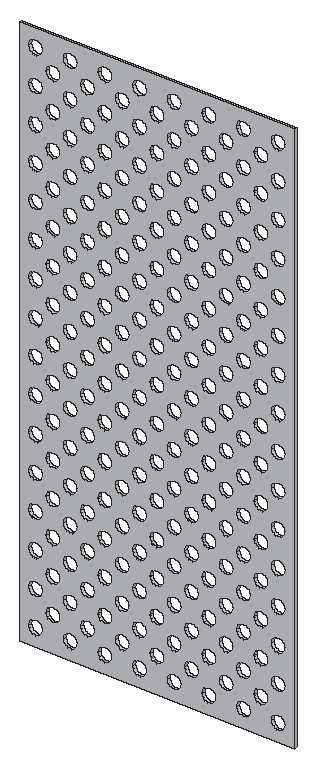
Revit family "J2 PET Felt Room Divider Dot", category Specialty Equipment, Revit 2022
Family settings
  Round Connector Dimension = Use Diameter
  Part Type = Normal
  Work Plane-Based = No
  Always vertical = Yes
  Cut with Voids When Loaded = No
  Maintain Annotation Orientation = No
  Shared = No
  Room Calculation Point = No
Parameters
  URL = "https://www.j2systems.net/"
  Style Number = "RDDOTT"  # constant formula
  Symbol Name = "RDDOTT"  # constant formula
  Release Date = "2019"  # constant formula
  Product Line = "Room Divider"  # constant formula
  Model = "Dot"  # constant formula
  Manufacturer = "J2 Systems"  # constant formula
  Keynote = ""
  Felt Color = none
  Default Elevation = 0' - 0"
Reference planes (in)
  plane 1 "Center (Front/Back)": y = 0
  plane 2: z = 0
  plane 3 "Center (Left/Right)": x = 0
Forms (in)
  Extrusion 1, solid, material <- "Felt Color"
    sketch origin (0, 0, 0) x (1, 0, 0) y (0, 0, 1)
      loop
        line (-23.5, 0) -> (23.5, 0) -> (23.5, 95) -> (-23.5, 95) -> (-23.5, 0)
      loop
        circle (20.78125, 92.03125) r 1.1875
      loop
        circle (14.84375, 92.03125) r 1.1875
      loop
        circle (8.90625, 92.03125) r 1.1875
      loop
        circle (2.96875, 92.03125) r 1.1875
      loop
        circle (-2.96875, 92.03125) r 1.1875
      loop
        circle (-8.90625, 92.03125) r 1.1875
      loop
        circle (-14.84375, 92.03125) r 1.1875
      loop
        circle (-20.78125, 92.03125) r 1.1875
      loop
        circle (17.8125, 89.0625) r 1.1875
      loop
        circle (11.875, 89.0625) r 1.1875
      loop
        circle (5.9375, 89.0625) r 1.1875
      loop
        circle (0, 89.0625) r 1.1875
      loop
        circle (-5.9375, 89.0625) r 1.1875
      loop
        circle (-11.875, 89.0625) r 1.1875
      loop
        circle (-17.8125, 89.0625) r 1.1875
      loop
        circle (20.78125, 86.09375) r 1.1875
      loop
        circle (14.84375, 86.09375) r 1.1875
      loop
        circle (8.90625, 86.09375) r 1.1875
      loop
        circle (2.96875, 86.09375) r 1.1875
      loop
        circle (-2.96875, 86.09375) r 1.1875
      loop
        circle (-8.90625, 86.09375) r 1.1875
      loop
        circle (-14.84375, 86.09375) r 1.1875
      loop
        circle (-20.78125, 86.09375) r 1.1875
      loop
        circle (17.8125, 83.125) r 1.1875
      loop
        circle (11.875, 83.125) r 1.1875
      loop
        circle (5.9375, 83.125) r 1.1875
      loop
        circle (0, 83.125) r 1.1875
      loop
        circle (-5.9375, 83.125) r 1.1875
      loop
        circle (-11.875, 83.125) r 1.1875
      loop
        circle (-17.8125, 83.125) r 1.1875
      loop
        circle (20.78125, 80.15625) r 1.1875
      loop
        circle (14.84375, 80.15625) r 1.1875
      loop
        circle (8.90625, 80.15625) r 1.1875
      loop
        circle (2.96875, 80.15625) r 1.1875
      loop
        circle (-2.96875, 80.15625) r 1.1875
      loop
        circle (-8.90625, 80.15625) r 1.1875
      loop
        circle (-14.84375, 80.15625) r 1.1875
      loop
        circle (-20.78125, 80.15625) r 1.1875
      loop
        circle (17.8125, 77.1875) r 1.1875
      loop
        circle (11.875, 77.1875) r 1.1875
      loop
        circle (5.9375, 77.1875) r 1.1875
      loop
        circle (0, 77.1875) r 1.1875
      loop
        circle (-5.9375, 77.1875) r 1.1875
      loop
        circle (-11.875, 77.1875) r 1.1875
      loop
        circle (-17.8125, 77.1875) r 1.1875
      loop
        circle (20.78125, 74.21875) r 1.1875
      loop
        circle (14.84375, 74.21875) r 1.1875
      loop
        circle (8.90625, 74.21875) r 1.1875
      loop
        circle (2.96875, 74.21875) r 1.1875
      loop
        circle (-2.96875, 74.21875) r 1.1875
      loop
        circle (-8.90625, 74.21875) r 1.1875
      loop
        circle (-14.84375, 74.21875) r 1.1875
      loop
        circle (-20.78125, 74.21875) r 1.1875
      loop
        circle (17.8125, 71.25) r 1.1875
      loop
        circle (11.875, 71.25) r 1.1875
      loop
        circle (5.9375, 71.25) r 1.1875
      loop
        circle (0, 71.25) r 1.1875
      loop
        circle (-5.9375, 71.25) r 1.1875
      loop
        circle (-11.875, 71.25) r 1.1875
      loop
        circle (-17.8125, 71.25) r 1.1875
      loop
        circle (20.78125, 68.28125) r 1.1875
      loop
        circle (14.84375, 68.28125) r 1.1875
      loop
        circle (8.90625, 68.28125) r 1.1875
      loop
        circle (2.96875, 68.28125) r 1.1875
      loop
        circle (-2.96875, 68.28125) r 1.1875
      loop
        circle (-8.90625, 68.28125) r 1.1875
      loop
        circle (-14.84375, 68.28125) r 1.1875
      loop
        circle (-20.78125, 68.28125) r 1.1875
      loop
        circle (17.8125, 65.3125) r 1.1875
      loop
        circle (11.875, 65.3125) r 1.1875
      loop
        circle (5.9375, 65.3125) r 1.1875
      loop
        circle (0, 65.3125) r 1.1875
      loop
        circle (-5.9375, 65.3125) r 1.1875
      loop
        circle (-11.875, 65.3125) r 1.1875
      loop
        circle (-17.8125, 65.3125) r 1.1875
      loop
        circle (20.78125, 62.34375) r 1.1875
      loop
        circle (14.84375, 62.34375) r 1.1875
      loop
        circle (8.90625, 62.34375) r 1.1875
      loop
        circle (2.96875, 62.34375) r 1.1875
      loop
        circle (-2.96875, 62.34375) r 1.1875
      loop
        circle (-8.90625, 62.34375) r 1.1875
      loop
        circle (-14.84375, 62.34375) r 1.1875
      loop
        circle (-20.78125, 62.34375) r 1.1875
      loop
        circle (17.8125, 59.375) r 1.1875
      loop
        circle (11.875, 59.375) r 1.1875
      loop
        circle (5.9375, 59.375) r 1.1875
      loop
        circle (0, 59.375) r 1.1875
      loop
        circle (-5.9375, 59.375) r 1.1875
      loop
        circle (-11.875, 59.375) r 1.1875
      loop
        circle (-17.8125, 59.375) r 1.1875
      loop
        circle (20.78125, 56.40625) r 1.1875
      loop
        circle (14.84375, 56.40625) r 1.1875
      loop
        circle (8.90625, 56.40625) r 1.1875
      loop
        circle (2.96875, 56.40625) r 1.1875
      loop
        circle (-2.96875, 56.40625) r 1.1875
      loop
        circle (-8.90625, 56.40625) r 1.1875
      loop
        circle (-14.84375, 56.40625) r 1.1875
      loop
        circle (-20.78125, 56.40625) r 1.1875
      loop
        circle (17.8125, 53.4375) r 1.1875
      loop
        circle (11.875, 53.4375) r 1.1875
      loop
        circle (5.9375, 53.4375) r 1.1875
      loop
        circle (0, 53.4375) r 1.1875
      loop
        circle (-5.9375, 53.4375) r 1.1875
      loop
        circle (-11.875, 53.4375) r 1.1875
      loop
        circle (-17.8125, 53.4375) r 1.1875
      loop
        circle (20.78125, 50.46875) r 1.1875
      loop
        circle (14.84375, 50.46875) r 1.1875
      loop
        circle (8.90625, 50.46875) r 1.1875
      loop
        circle (2.96875, 50.46875) r 1.1875
      loop
        circle (-2.96875, 50.46875) r 1.1875
      loop
        circle (-8.90625, 50.46875) r 1.1875
      loop
        circle (-14.84375, 50.46875) r 1.1875
      loop
        circle (-20.78125, 50.46875) r 1.1875
      loop
        circle (17.8125, 47.5) r 1.1875
      loop
        circle (11.875, 47.5) r 1.1875
      loop
        circle (5.9375, 47.5) r 1.1875
      loop
        circle (0, 47.5) r 1.1875
      loop
        circle (-5.9375, 47.5) r 1.1875
      loop
        circle (-11.875, 47.5) r 1.1875
      loop
        circle (-17.8125, 47.5) r 1.1875
      loop
        circle (20.78125, 44.53125) r 1.1875
      loop
        circle (14.84375, 44.53125) r 1.1875
      loop
        circle (8.90625, 44.53125) r 1.1875
      loop
        circle (2.96875, 44.53125) r 1.1875
      loop
        circle (-2.96875, 44.53125) r 1.1875
      loop
        circle (-8.90625, 44.53125) r 1.1875
      loop
        circle (-14.84375, 44.53125) r 1.1875
      loop
        circle (-20.78125, 44.53125) r 1.1875
      loop
        circle (17.8125, 41.5625) r 1.1875
      loop
        circle (11.875, 41.5625) r 1.1875
      loop
        circle (5.9375, 41.5625) r 1.1875
      loop
        circle (0, 41.5625) r 1.1875
      loop
        circle (-5.9375, 41.5625) r 1.1875
      loop
        circle (-11.875, 41.5625) r 1.1875
      loop
        circle (-17.8125, 41.5625) r 1.1875
      loop
        circle (20.78125, 38.59375) r 1.1875
      loop
        circle (14.84375, 38.59375) r 1.1875
      loop
        circle (8.90625, 38.59375) r 1.1875
      loop
        circle (2.96875, 38.59375) r 1.1875
      loop
        circle (-2.96875, 38.59375) r 1.1875
      loop
        circle (-8.90625, 38.59375) r 1.1875
      loop
        circle (-14.84375, 38.59375) r 1.1875
      loop
        circle (-20.78125, 38.59375) r 1.1875
      loop
        circle (17.8125, 35.625) r 1.1875
      loop
        circle (11.875, 35.625) r 1.1875
      loop
        circle (5.9375, 35.625) r 1.1875
      loop
        circle (0, 35.625) r 1.1875
      loop
        circle (-5.9375, 35.625) r 1.1875
      loop
        circle (-11.875, 35.625) r 1.1875
      loop
        circle (-17.8125, 35.625) r 1.1875
      loop
        circle (20.78125, 32.65625) r 1.1875
      loop
        circle (14.84375, 32.65625) r 1.1875
      loop
        circle (8.90625, 32.65625) r 1.1875
      loop
        circle (2.96875, 32.65625) r 1.1875
      loop
        circle (-2.96875, 32.65625) r 1.1875
      loop
        circle (-8.90625, 32.65625) r 1.1875
      loop
        circle (-14.84375, 32.65625) r 1.1875
      loop
        circle (-20.78125, 32.65625) r 1.1875
      loop
        circle (17.8125, 29.6875) r 1.1875
      loop
        circle (11.875, 29.6875) r 1.1875
      loop
        circle (5.9375, 29.6875) r 1.1875
      loop
        circle (0, 29.6875) r 1.1875
      loop
        circle (-5.9375, 29.6875) r 1.1875
      loop
        circle (-11.875, 29.6875) r 1.1875
      loop
        circle (-17.8125, 29.6875) r 1.1875
      loop
        circle (20.78125, 26.71875) r 1.1875
      loop
        circle (14.84375, 26.71875) r 1.1875
      loop
        circle (8.90625, 26.71875) r 1.1875
      loop
        circle (2.96875, 26.71875) r 1.1875
      loop
        circle (-2.96875, 26.71875) r 1.1875
      loop
        circle (-8.90625, 26.71875) r 1.1875
      loop
        circle (-14.84375, 26.71875) r 1.1875
      loop
        circle (-20.78125, 26.71875) r 1.1875
      loop
        circle (17.8125, 23.75) r 1.1875
      loop
        circle (11.875, 23.75) r 1.1875
      loop
        circle (5.9375, 23.75) r 1.1875
      loop
        circle (0, 23.75) r 1.1875
      loop
        circle (-5.9375, 23.75) r 1.1875
      loop
        circle (-11.875, 23.75) r 1.1875
      loop
        circle (-17.8125, 23.75) r 1.1875
      loop
        circle (20.78125, 20.78125) r 1.1875
      loop
        circle (14.84375, 20.78125) r 1.1875
      loop
        circle (8.90625, 20.78125) r 1.1875
      loop
        circle (2.96875, 20.78125) r 1.1875
      loop
        circle (-2.96875, 20.78125) r 1.1875
      loop
        circle (-8.90625, 20.78125) r 1.1875
      loop
        circle (-14.84375, 20.78125) r 1.1875
      loop
        circle (-20.78125, 20.78125) r 1.1875
      loop
        circle (17.8125, 17.8125) r 1.1875
      loop
        circle (11.875, 17.8125) r 1.1875
      loop
        circle (5.9375, 17.8125) r 1.1875
      loop
        circle (0, 17.8125) r 1.1875
      loop
        circle (-5.9375, 17.8125) r 1.1875
      loop
        circle (-11.875, 17.8125) r 1.1875
      loop
        circle (-17.8125, 17.8125) r 1.1875
      loop
        circle (20.78125, 14.84375) r 1.1875
      loop
        circle (14.84375, 14.84375) r 1.1875
      loop
        circle (8.90625, 14.84375) r 1.1875
      loop
        circle (2.96875, 14.84375) r 1.1875
      loop
        circle (-2.96875, 14.84375) r 1.1875
      loop
        circle (-8.90625, 14.84375) r 1.1875
      loop
        circle (-14.84375, 14.84375) r 1.1875
      loop
        circle (-20.78125, 14.84375) r 1.1875
      loop
        circle (17.8125, 11.875) r 1.1875
      loop
        circle (11.875, 11.875) r 1.1875
      loop
        circle (5.9375, 11.875) r 1.1875
      loop
        circle (0, 11.875) r 1.1875
      loop
        circle (-5.9375, 11.875) r 1.1875
      loop
        circle (-11.875, 11.875) r 1.1875
      loop
        circle (-17.8125, 11.875) r 1.1875
      loop
        circle (20.78125, 8.90625) r 1.1875
      loop
        circle (14.84375, 8.90625) r 1.1875
      loop
        circle (8.90625, 8.90625) r 1.1875
      loop
        circle (2.96875, 8.90625) r 1.1875
      loop
        circle (-2.96875, 8.90625) r 1.1875
      loop
        circle (-8.90625, 8.90625) r 1.1875
      loop
        circle (-14.84375, 8.90625) r 1.1875
      loop
        circle (-20.78125, 8.90625) r 1.1875
      loop
        circle (17.8125, 5.9375) r 1.1875
      loop
        circle (11.875, 5.9375) r 1.1875
      loop
        circle (5.9375, 5.9375) r 1.1875
      loop
        circle (0, 5.9375) r 1.1875
      loop
        circle (-5.9375, 5.9375) r 1.1875
      loop
        circle (-11.875, 5.9375) r 1.1875
      loop
        circle (-17.8125, 5.9375) r 1.1875
      loop
        circle (20.78125, 2.96875) r 1.1875
      loop
        circle (14.84375, 2.96875) r 1.1875
      loop
        circle (8.90625, 2.96875) r 1.1875
      loop
        circle (2.96875, 2.96875) r 1.1875
      loop
        circle (-2.96875, 2.96875) r 1.1875
      loop
        circle (-8.90625, 2.96875) r 1.1875
      loop
        circle (-14.84375, 2.96875) r 1.1875
      loop
        circle (-20.78125, 2.96875) r 1.1875
    from 0.25 to -0.25
Dimensions and locks (in)
  aligned and locked: level to plane 2
